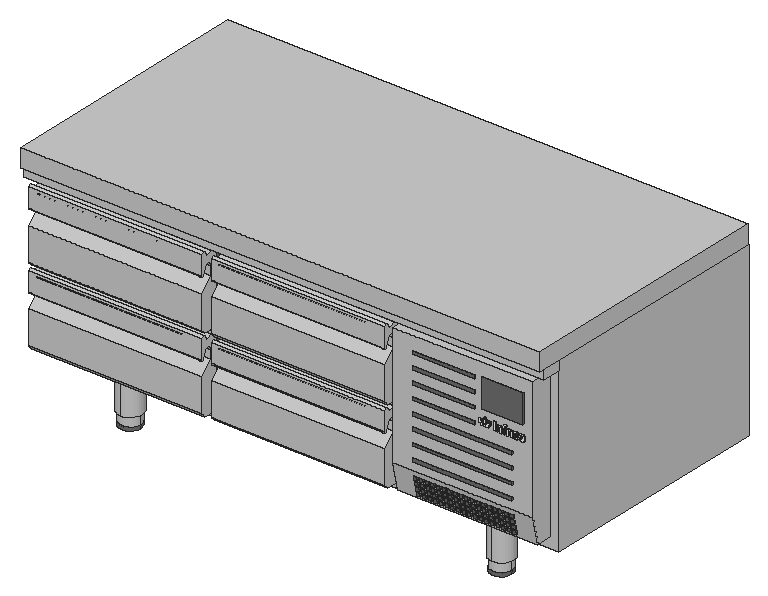
Revit family "QF_INFRICO_MSG1400_250814084130", category Specialty Equipment, Revit 2021
Family settings
  Round Connector Dimension = Use Diameter
  Part Type = Normal
  OmniClass Number = 23.40.40.14
  OmniClass Title = Food Service Equipment
  Work Plane-Based = No
  Always vertical = Yes
  Cut with Voids When Loaded = No
  Shared = No
  Room Calculation Point = No
Parameters (values of type "MSG1400-R290")
  Weight [instance] = 149.998 kg
  Waste Water Discharge Temperature [instance] = 0 °C
  Waste Remarks [instance] = ""
  Warranty Start Date [instance] = ""
  Warranty Duration [instance] = ""
  Volts [instance] = 230 V
  Volt Free Conn [instance] = no
  URL Recommended Spares List [instance] = ""
  URL Manufacturer [instance] = ""
  URL Cutsheet [instance] = ""
  URL Critical Spares List [instance] = ""
  URL = "www.infrico.com"
  Technical Documentation [instance] = ""
  Tag Number [instance] = ""
  Status [instance] = ""
  Start Up Current [instance] = 0 A
  Specification by User [instance] = ""
  Specification by Manufacturer [instance] = ""
  Sound Level [instance] = ""
  Show Logo [instance] = yes
  Show Clearances [instance] = yes
  Service Life Duration [instance] = ""
  Serial Number [instance] = ""
  Seismic Rating [instance] = ""
  SMACNA No [instance] = ""
  Revision Code [instance] = ""
  Revision [instance] = ""
  Production Year [instance] = ""
  Potential Equalisation [instance] = no
  Point Load [instance] = 0
  Plumbing Connection Type [instance] = ""
  Phase [instance] = 1
  Other Equipment Approvals [instance] = ""
  Operational Current [instance] = 0 A
  Number of Poles [instance] = 2
  No Load Power Draw [instance] = no
  NAFEM Spec ID Number [instance] = ""
  Model Warning [instance] = ""
  Model = "MSG1400"
  Min Ckt Ampacity [instance] = 0 A
  Max Overcurrent Protection [instance] = 0 A
  Masterspec [instance] = ""
  Manufacturer = "INFRICO"
  Main switch integrated [instance] = no
  Length Actual [instance] = 1400.048 mm
  Item Number [instance] = ""
  Installed By [instance] = ""
  Installation Date [instance] = ""
  Indirect Waste Size [instance] = 19.05 mm
  Indirect Waste Remarks [instance] = ""
  Indirect Waste Flow [instance] = 0.0 L/s
  Indirect Waste Connection Type [instance] = ""
  Indirect Waste Connection Height [instance] = 0 mm
  Identify Quantity as Lot [instance] = no
  ID [instance] = ""
  Hygiene Approval [instance] = ""
  Height Actual [instance] = 599.948 mm
  HP power [instance] = ""
  Furnished By [instance] = ""
  Foodservice Equipment Identifier [instance] = no
  FL Amps [instance] = 0 A
  Electrical Remarks [instance] = ""
  Electric power [instance] = 190 W
  Electric Connection Type [instance] = ""
  Elec Conn RI Height [instance] = 0 mm
  Elec Conn Connection Height [instance] = 0 mm
  ETL Approved [instance] = no
  Direct Waste Water Discharge Temperature [instance] = -273.15 °C
  Direct Waste Size [instance] = 19.05 mm
  Direct Waste RI Height [instance] = 0 mm
  Direct Waste Flow [instance] = 0.0 L/s
  Direct Waste Connection Height [instance] = 0 mm
  Description = "GN1/1 COUNTER BASES REFRIGERATOR 700 SNACK SERIES - R290\r\n "
  Depth Actual [instance] = 700.024 mm
  Default Elevation = 0 mm
  Cycle [instance] = 50 Hz
  Cost = 0
  Connection to energy optimisation system [instance] = yes
  Conn Plug [instance] = ""
  Conn Conduit [instance] = no
  Centralized building control system with digital interface [instance] = ""
  CSI MasterFormat [instance] = ""
  CE Approved [instance] = no
  Barcode [instance] = 0
  Author [instance] = ""
  Asset Identifier [instance] = ""
  Apparent Power [instance] = 190 VA
  Accessory [instance] = no
Reference planes
  plane 1 "Center (Front/Back)": y = 0
  plane 2: z = 0
  plane 3 "Center (Left/Right)": x = 0
Forms (mm)
  Extrusion 1, solid, not visible
    sketch origin (500.024, -112.005, 142.007) x (1, 0, 0) y (0, 1, 0)
      loop
        line (-2, 2) -> (-2, -2) -> (2, -2) -> (2, 2) -> (-2, 2)
    from -2 to 2
  Extrusion 2, solid, not visible
    sketch origin (1339.065, -60.003, 142.007) x (1, 0, 0) y (0, 1, 0)
      loop
        line (-2, 2) -> (-2, -2) -> (2, -2) -> (2, 2) -> (-2, 2)
    from -2 to 2
Dimensions and locks
  locked: nested 2 to Extrusion 1 at 2  (x2)
  locked: nested 3 to Extrusion 2 at 2  (x2)
  aligned and locked: level to plane 2
Nested families
  nested 1: "QF_INFRICO_MSG1400_2920" at (0, 0, 0), type "MSG1400-R290"
    with Weight 149.998 kg, Warranty Start Date "", Warranty Duration "", URL Cutsheet "", Technical Documentation "", Tag Number "", Status "", Specification by User "", Specification by Manufacturer "", Sound Level "", Solid Fuel Type "", Show Logo yes, Show Clearances yes, Show Clearance yes, Service Life Duration "", Serial Number "", Seismic Rating "", SMACNA No "", Revision Code "", Revision "", Production Year "", Point Load 0, Other Equipment Approvals "", NAFEM Spec ID Number "", Model Warning "", Masterspec "", Length Actual 1400.048 mm, Item Number "", Installed By "", Installation Date "", Identify Quantity as Lot yes, ID "", Hygiene Approval "", Height Actual 599.948 mm, Furnished By "", Foodservice Equipment Identifier yes, ETL Approved yes, Depth Actual 700.024 mm, CSI MasterFormat "", CE Approved no, Barcode "", Author "", Asset Identifier "", Accessory no
  nested 2: "CONN_POINT_DRAIN_2D___Generic_Annotation" at (500.024, -112.005, 140.007), type "CONN_POINT_DRAIN_2D___Generic_Annotation"
    with Onboard connection annotation symbol visibility yes
  nested 3: "CONN_POINT_ELE_2D___Generic_Annotation" at (1339.065, -60.003, 140.007), type "CONN_POINT_ELE_2D___Generic_Annotation"
    with Onboard connection annotation symbol visibility yes
  nested 4: "QF_INFRICO_JCAJ17MSG1-2_4832" at (22, -638, 168), type "JCAJ17SN12"
    with Weight 0.00 kg, Warranty Start Date "", Warranty Duration "", URL Cutsheet "", Technical Documentation "", Tag Number "", Status "", Specification by User "", Specification by Manufacturer "", Sound Level "", Solid Fuel Type "", Show Logo yes, Show Clearances yes, Show Clearance yes, Service Life Duration "", Serial Number "", Seismic Rating "", SMACNA No "", Revision Code "", Revision "", Production Year "", Point Load 0, Other Equipment Approvals "", NAFEM Spec ID Number "", Model Warning "", Masterspec "", Length Actual 467.106 mm, Item Number "", Installed By "", Installation Date "", Identify Quantity as Lot yes, ID "", Hygiene Approval "", Height Actual 398.018 mm, Furnished By "", Foodservice Equipment Identifier yes, ETL Approved yes, Depth Actual 59.944 mm, CSI MasterFormat "", CE Approved no, Barcode "", Author "", Asset Identifier "", Accessory yes
  nested 5: "QF_INFRICO_JCAJ17MSG1-2_5661" at (514, -638, 168), type "JCAJ17SN12"
    with Weight 0.00 kg, Warranty Start Date "", Warranty Duration "", URL Cutsheet "", Technical Documentation "", Tag Number "", Status "", Specification by User "", Specification by Manufacturer "", Sound Level "", Solid Fuel Type "", Show Logo yes, Show Clearances yes, Show Clearance yes, Service Life Duration "", Serial Number "", Seismic Rating "", SMACNA No "", Revision Code "", Revision "", Production Year "", Point Load 0, Other Equipment Approvals "", NAFEM Spec ID Number "", Model Warning "", Masterspec "", Length Actual 467.106 mm, Item Number "", Installed By "", Installation Date "", Identify Quantity as Lot yes, ID "", Hygiene Approval "", Height Actual 398.018 mm, Furnished By "", Foodservice Equipment Identifier yes, ETL Approved yes, Depth Actual 59.944 mm, CSI MasterFormat "", CE Approved no, Barcode "", Author "", Asset Identifier "", Accessory yes
  nested 6: "QF_INFRICO_WORKTOP_6486" at (0, 0, 600), type "ENC12SPMS14"
    with Weight 0.00 kg, Warranty Start Date "", Warranty Duration "", URL Cutsheet "", Technical Documentation "", Tag Number "", Status "", Specification by User "", Specification by Manufacturer "", Sound Level "", Solid Fuel Type "", Show Logo yes, Show Clearances yes, Show Clearance yes, Service Life Duration "", Serial Number "", Seismic Rating "", SMACNA No "", Revision Code "", Revision "", Production Year "", Point Load 0, Other Equipment Approvals "", NAFEM Spec ID Number "", Model Warning "", Masterspec "", Length Actual 1400.048 mm, Item Number "", Installed By "", Installation Date "", Identify Quantity as Lot yes, ID "", Hygiene Approval "", Height Actual 50.038 mm, Furnished By "", Foodservice Equipment Identifier yes, ETL Approved yes, Depth Actual 700.024 mm, CSI MasterFormat "", CE Approved no, Barcode "", Author "", Asset Identifier "", Accessory yes
Connectors
  piping at (500.024, -112.005, 140.007), diameter 19.05, driven by "Indirect Waste Size", driven by "Direct Waste Flow"
    settings: on Extrusion 1, index 1, connector inside diameter 609.6 mm, connector length 0 mm, flow factor 0, pipe flow 0.0 L/s, pressure drop 0.0 Pa, fitting loss kfactor 0, connector angle 0.00°, fixture units 0, engagement length 0 mm, angle of deflection 0.00°, flow configuration 1, flow direction 2, fitting loss method 0, system type 16, joint type 0, gender type 0, connector reference index -1, connector utility 0, adjustable connector no, is connector primary yes, connector description "Waste connection for MSG1400"
  electrical at (1339.065, -60.003, 140.007), driven by "Apparent Power", driven by "Number of Poles", driven by "Volts"
    settings: on Extrusion 2, index 2, voltage 230 V, apparent load 0 VA, apparent load phase1 190 VA, apparent load phase2 0 VA, apparent load phase3 0 VA, power factor 1, load classification "Other", number of poles 2, system type 31, power factor state 1, is connector primary yes, connector utility no, sub classification motor no, connector description "Electrical connection for MSG1400"
Definition of nested family "QF_INFRICO_MSG1400_2920"
  Parameters (values of type "MSG1400")
    Weight [instance] = 0.00 kg
    Warranty Start Date [instance] = ""
    Warranty Duration [instance] = ""
    URL Cutsheet [instance] = ""
    URL = "www.infrico.com"
    Technical Documentation [instance] = ""
    Tag Number [instance] = ""
    Status [instance] = ""
    Specification by User [instance] = ""
    Specification by Manufacturer [instance] = ""
    Sound Level [instance] = ""
    Solid Fuel Type [instance] = ""
    Show Logo [instance] = yes
    Show Clearances [instance] = yes
    Show Clearance [instance] = yes
    Service Life Duration [instance] = ""
    Serial Number [instance] = ""
    Seismic Rating [instance] = ""
    SMACNA No [instance] = ""
    Revision Code [instance] = ""
    Revision [instance] = ""
    Production Year [instance] = ""
    Point Load [instance] = 0
    Other Equipment Approvals [instance] = ""
    NAFEM Spec ID Number [instance] = ""
    Model Warning [instance] = ""
    Model = "MSG1400"
    Masterspec [instance] = ""
    Manufacturer = "INFRICO"
    Length Actual [instance] = 0 mm
    Item Number [instance] = ""
    Installed By [instance] = ""
    Installation Date [instance] = ""
    Identify Quantity as Lot [instance] = yes
    ID [instance] = ""
    Hygiene Approval [instance] = ""
    Height Actual [instance] = 0 mm
    Furnished By [instance] = ""
    Foodservice Equipment Identifier [instance] = yes
    ETL Approved [instance] = yes
    Description = "GN1/1 COUNTER BASES REFRIGERATOR 700 SNACK SERIES - R134A"
    Depth Actual [instance] = 0 mm
    Default Elevation = 0 mm
    CSI MasterFormat [instance] = ""
    CE Approved [instance] = yes
    Barcode [instance] = ""
    Author [instance] = ""
    Asset Identifier [instance] = ""
    Assembly Code = "E1090320"
    Accessory [instance] = yes
  Types (2, lengths in mm): name | Description
    MSG1400 | "GN1/1 COUNTER BASES REFRIGERATOR 700 SNACK SERIES - R134A"
    MSG1400-R290 | "GN1/1 COUNTER BASES REFRIGERATOR 700 SNACK SERIES - R290"
  Reference planes
    plane 1 "Back": y = 0
    plane 2: z = 0
    plane 3 "Left": x = 0
    plane 4 "Right": x = 1400
    plane 5 "Front": y = -700
    plane 6 "Top": z = 600
  Forms (mm)
    Extrusion 1, void
      sketch origin (0, 0, 0) x (1, 0, 0) y (0, 0, 1)
        loop
          line (60, 200) -> (979.04, 200) -> (979.04, 540) -> (60, 540) -> (60, 200)
      from 60 to 638.02
    Extrusion 2, solid
      sketch origin (0, 0, 140) x (1, 0, 0) y (0, 1, 0)
        loop
          circle (500, -112) r 9.525
      from -5 to 0
    Extrusion 3, solid
      sketch origin (0, 0, 140) x (1, 0, 0) y (0, 1, 0)
        loop
          line (0, 0) -> (0, -638.02) -> (1400, -638.02) -> (1400, 0) -> (0, 0)
        loop
          line (60, -578.02) -> (1340, -578.02) -> (1340, -60) -> (60, -60) -> (60, -578.02)
      from 0 to 460
    Extrusion 4, solid
      sketch origin (0, 0, 140) x (1, 0, 0) y (0, 0, 1)
        loop
          line (1340, 60) -> (60, 60) -> (60, 0) -> (1340, 0) -> (1340, 60)
      from 60 to 578.02
    Extrusion 5, solid
      sketch origin (18, 0, 140) x (1, 0, 0) y (0, 1, 0)
        loop
          line (454, -638.02) -> (549, -638.02) -> (549, -628.02) -> (454, -628.02) -> (454, -638.02)
      from 60 to 400
    Extrusion 6, solid
      sketch origin (-58.953, 0, 0) x (0, 1, 0) y (0, 0, 1)
        loop
          line (-638.02, 564.738) -> (-695.03, 564.738) -> (-695.03, 238.436) -> (-678.399, 166.4) -> (-638.02, 166.4) -> (-638.02, 564.738)
      from 1057.993 to 1433.993
    Extrusion 7, solid
      sketch origin (-2089.854, -639.263, 0.251) x (1, 0, 0) y (0, -0.224951, 0.97437)
        loop
          line (3143.188, 215.974) -> (3143.188, 205.974) -> (3153.188, 205.974) -> (3153.188, 215.974) -> (3143.188, 215.974)
        loop
          line (3143.188, 230.769) -> (3143.188, 220.769) -> (3153.188, 220.769) -> (3153.188, 230.769) -> (3143.188, 230.769)
        loop
          line (3143.188, 186.385) -> (3143.188, 176.385) -> (3153.188, 176.385) -> (3153.188, 186.385) -> (3143.188, 186.385)
        loop
          line (3143.188, 201.179) -> (3143.188, 191.179) -> (3153.188, 191.179) -> (3153.188, 201.179) -> (3143.188, 201.179)
        loop
          line (3158.397, 215.974) -> (3158.397, 205.974) -> (3168.397, 205.974) -> (3168.397, 215.974) -> (3158.397, 215.974)
        loop
          line (3158.397, 230.769) -> (3158.397, 220.769) -> (3168.397, 220.769) -> (3168.397, 230.769) -> (3158.397, 230.769)
        loop
          line (3158.397, 186.385) -> (3158.397, 176.385) -> (3168.397, 176.385) -> (3168.397, 186.385) -> (3158.397, 186.385)
        loop
          line (3158.397, 201.179) -> (3158.397, 191.179) -> (3168.397, 191.179) -> (3168.397, 201.179) -> (3158.397, 201.179)
        loop
          line (3173.605, 215.974) -> (3173.605, 205.974) -> (3183.605, 205.974) -> (3183.605, 215.974) -> (3173.605, 215.974)
        loop
          line (3173.605, 230.769) -> (3173.605, 220.769) -> (3183.605, 220.769) -> (3183.605, 230.769) -> (3173.605, 230.769)
        loop
          line (3173.605, 186.385) -> (3173.605, 176.385) -> (3183.605, 176.385) -> (3183.605, 186.385) -> (3173.605, 186.385)
        loop
          line (3173.605, 201.179) -> (3173.605, 191.179) -> (3183.605, 191.179) -> (3183.605, 201.179) -> (3173.605, 201.179)
        loop
          line (3188.813, 215.974) -> (3188.813, 205.974) -> (3198.813, 205.974) -> (3198.813, 215.974) -> (3188.813, 215.974)
        loop
          line (3188.813, 230.769) -> (3188.813, 220.769) -> (3198.813, 220.769) -> (3198.813, 230.769) -> (3188.813, 230.769)
        loop
          line (3188.813, 186.385) -> (3188.813, 176.385) -> (3198.813, 176.385) -> (3198.813, 186.385) -> (3188.813, 186.385)
        loop
          line (3188.813, 201.179) -> (3188.813, 191.179) -> (3198.813, 191.179) -> (3198.813, 201.179) -> (3188.813, 201.179)
        loop
          line (3204.022, 215.974) -> (3204.022, 205.974) -> (3214.022, 205.974) -> (3214.022, 215.974) -> (3204.022, 215.974)
        loop
          line (3204.022, 230.769) -> (3204.022, 220.769) -> (3214.022, 220.769) -> (3214.022, 230.769) -> (3204.022, 230.769)
        loop
          line (3204.022, 186.385) -> (3204.022, 176.385) -> (3214.022, 176.385) -> (3214.022, 186.385) -> (3204.022, 186.385)
        loop
          line (3204.022, 201.179) -> (3204.022, 191.179) -> (3214.022, 191.179) -> (3214.022, 201.179) -> (3204.022, 201.179)
        loop
          line (3219.23, 215.974) -> (3219.23, 205.974) -> (3229.23, 205.974) -> (3229.23, 215.974) -> (3219.23, 215.974)
        loop
          line (3219.23, 230.769) -> (3219.23, 220.769) -> (3229.23, 220.769) -> (3229.23, 230.769) -> (3219.23, 230.769)
        loop
          line (3219.23, 186.385) -> (3219.23, 176.385) -> (3229.23, 176.385) -> (3229.23, 186.385) -> (3219.23, 186.385)
        loop
          line (3219.23, 201.179) -> (3219.23, 191.179) -> (3229.23, 191.179) -> (3229.23, 201.179) -> (3219.23, 201.179)
        loop
          line (3234.438, 215.974) -> (3234.438, 205.974) -> (3244.438, 205.974) -> (3244.438, 215.974) -> (3234.438, 215.974)
        loop
          line (3234.438, 230.769) -> (3234.438, 220.769) -> (3244.438, 220.769) -> (3244.438, 230.769) -> (3234.438, 230.769)
        loop
          line (3234.438, 186.385) -> (3234.438, 176.385) -> (3244.438, 176.385) -> (3244.438, 186.385) -> (3234.438, 186.385)
        loop
          line (3234.438, 201.179) -> (3234.438, 191.179) -> (3244.438, 191.179) -> (3244.438, 201.179) -> (3234.438, 201.179)
        loop
          line (3249.647, 215.974) -> (3249.647, 205.974) -> (3259.647, 205.974) -> (3259.647, 215.974) -> (3249.647, 215.974)
        loop
          line (3249.647, 230.769) -> (3249.647, 220.769) -> (3259.647, 220.769) -> (3259.647, 230.769) -> (3249.647, 230.769)
        loop
          line (3249.647, 186.385) -> (3249.647, 176.385) -> (3259.647, 176.385) -> (3259.647, 186.385) -> (3249.647, 186.385)
        loop
          line (3249.647, 201.179) -> (3249.647, 191.179) -> (3259.647, 191.179) -> (3259.647, 201.179) -> (3249.647, 201.179)
        loop
          line (3264.855, 215.974) -> (3264.855, 205.974) -> (3274.855, 205.974) -> (3274.855, 215.974) -> (3264.855, 215.974)
        loop
          line (3264.855, 230.769) -> (3264.855, 220.769) -> (3274.855, 220.769) -> (3274.855, 230.769) -> (3264.855, 230.769)
        loop
          line (3264.855, 186.385) -> (3264.855, 176.385) -> (3274.855, 176.385) -> (3274.855, 186.385) -> (3264.855, 186.385)
        loop
          line (3264.855, 201.179) -> (3264.855, 191.179) -> (3274.855, 191.179) -> (3274.855, 201.179) -> (3264.855, 201.179)
        loop
          line (3280.063, 215.974) -> (3280.063, 205.974) -> (3290.063, 205.974) -> (3290.063, 215.974) -> (3280.063, 215.974)
        loop
          line (3280.063, 230.769) -> (3280.063, 220.769) -> (3290.063, 220.769) -> (3290.063, 230.769) -> (3280.063, 230.769)
        loop
          line (3280.063, 186.385) -> (3280.063, 176.385) -> (3290.063, 176.385) -> (3290.063, 186.385) -> (3280.063, 186.385)
        loop
          line (3280.063, 201.179) -> (3280.063, 191.179) -> (3290.063, 191.179) -> (3290.063, 201.179) -> (3280.063, 201.179)
        loop
          line (3295.272, 215.974) -> (3295.272, 205.974) -> (3305.272, 205.974) -> (3305.272, 215.974) -> (3295.272, 215.974)
        loop
          line (3295.272, 230.769) -> (3295.272, 220.769) -> (3305.272, 220.769) -> (3305.272, 230.769) -> (3295.272, 230.769)
        loop
          line (3295.272, 186.385) -> (3295.272, 176.385) -> (3305.272, 176.385) -> (3305.272, 186.385) -> (3295.272, 186.385)
        loop
          line (3295.272, 201.179) -> (3295.272, 191.179) -> (3305.272, 191.179) -> (3305.272, 201.179) -> (3295.272, 201.179)
        loop
          line (3310.48, 215.974) -> (3310.48, 205.974) -> (3320.48, 205.974) -> (3320.48, 215.974) -> (3310.48, 215.974)
        loop
          line (3310.48, 230.769) -> (3310.48, 220.769) -> (3320.48, 220.769) -> (3320.48, 230.769) -> (3310.48, 230.769)
        loop
          line (3310.48, 186.385) -> (3310.48, 176.385) -> (3320.48, 176.385) -> (3320.48, 186.385) -> (3310.48, 186.385)
        loop
          line (3310.48, 201.179) -> (3310.48, 191.179) -> (3320.48, 191.179) -> (3320.48, 201.179) -> (3310.48, 201.179)
        loop
          line (3325.688, 215.974) -> (3325.688, 205.974) -> (3335.688, 205.974) -> (3335.688, 215.974) -> (3325.688, 215.974)
        loop
          line (3325.688, 230.769) -> (3325.688, 220.769) -> (3335.688, 220.769) -> (3335.688, 230.769) -> (3325.688, 230.769)
        loop
          line (3325.688, 186.385) -> (3325.688, 176.385) -> (3335.688, 176.385) -> (3335.688, 186.385) -> (3325.688, 186.385)
        loop
          line (3325.688, 201.179) -> (3325.688, 191.179) -> (3335.688, 191.179) -> (3335.688, 201.179) -> (3325.688, 201.179)
        loop
          line (3340.897, 215.974) -> (3340.897, 205.974) -> (3350.897, 205.974) -> (3350.897, 215.974) -> (3340.897, 215.974)
        loop
          line (3340.897, 230.769) -> (3340.897, 220.769) -> (3350.897, 220.769) -> (3350.897, 230.769) -> (3340.897, 230.769)
        loop
          line (3340.897, 186.385) -> (3340.897, 176.385) -> (3350.897, 176.385) -> (3350.897, 186.385) -> (3340.897, 186.385)
        loop
          line (3340.897, 201.179) -> (3340.897, 191.179) -> (3350.897, 191.179) -> (3350.897, 201.179) -> (3340.897, 201.179)
        loop
          line (3356.105, 215.974) -> (3356.105, 205.974) -> (3366.105, 205.974) -> (3366.105, 215.974) -> (3356.105, 215.974)
        loop
          line (3356.105, 230.769) -> (3356.105, 220.769) -> (3366.105, 220.769) -> (3366.105, 230.769) -> (3356.105, 230.769)
        loop
          line (3356.105, 186.385) -> (3356.105, 176.385) -> (3366.105, 176.385) -> (3366.105, 186.385) -> (3356.105, 186.385)
        loop
          line (3356.105, 201.179) -> (3356.105, 191.179) -> (3366.105, 191.179) -> (3366.105, 201.179) -> (3356.105, 201.179)
        loop
          line (3371.313, 215.974) -> (3371.313, 205.974) -> (3381.313, 205.974) -> (3381.313, 215.974) -> (3371.313, 215.974)
        loop
          line (3371.313, 230.769) -> (3371.313, 220.769) -> (3381.313, 220.769) -> (3381.313, 230.769) -> (3371.313, 230.769)
        loop
          line (3371.313, 186.385) -> (3371.313, 176.385) -> (3381.313, 176.385) -> (3381.313, 186.385) -> (3371.313, 186.385)
        loop
          line (3371.313, 201.179) -> (3371.313, 191.179) -> (3381.313, 191.179) -> (3381.313, 201.179) -> (3371.313, 201.179)
        loop
          line (3386.522, 215.974) -> (3386.522, 205.974) -> (3396.522, 205.974) -> (3396.522, 215.974) -> (3386.522, 215.974)
        loop
          line (3386.522, 230.769) -> (3386.522, 220.769) -> (3396.522, 220.769) -> (3396.522, 230.769) -> (3386.522, 230.769)
        loop
          line (3386.522, 186.385) -> (3386.522, 176.385) -> (3396.522, 176.385) -> (3396.522, 186.385) -> (3386.522, 186.385)
        loop
          line (3386.522, 201.179) -> (3386.522, 191.179) -> (3396.522, 191.179) -> (3396.522, 201.179) -> (3386.522, 201.179)
        loop
          line (3401.73, 215.974) -> (3401.73, 205.974) -> (3411.73, 205.974) -> (3411.73, 215.974) -> (3401.73, 215.974)
        loop
          line (3401.73, 230.769) -> (3401.73, 220.769) -> (3411.73, 220.769) -> (3411.73, 230.769) -> (3401.73, 230.769)
        loop
          line (3401.73, 186.385) -> (3401.73, 176.385) -> (3411.73, 176.385) -> (3411.73, 186.385) -> (3401.73, 186.385)
        loop
          line (3401.73, 201.179) -> (3401.73, 191.179) -> (3411.73, 191.179) -> (3411.73, 201.179) -> (3401.73, 201.179)
      from 0 to 2
    Extrusion 8, solid, visible <- "Show Logo"
      sketch origin (66.592, -693.13, -284.294) x (1, 0, 0) y (0, 0, 1)
        loop
          line (1208.799, 696.53) -> (1208.799, 719.204) -> (1204.173, 719.204) -> (1204.173, 696.53) -> (1208.799, 696.53)
        loop
          line (1214.779, 713.006) -> (1211.283, 713.006) -> (1211.283, 696.53) -> (1215.772, 696.53) -> (1215.772, 707.832)
          arc (1215.772, 707.832) -> (1217.528, 708.741) -> (1219.417, 709.324) r 11.052
          arc (1219.417, 709.324) -> (1220.929, 708.961) -> (1221.598, 707.557) r 1.806
          line (1221.598, 707.557) -> (1221.598, 696.53) -> (1226.121, 696.53) -> (1226.121, 708.689)
          arc (1226.121, 708.689) -> (1224.637, 712.075) -> (1221.141, 713.281) r 4.607
          arc (1221.141, 713.281) -> (1218.282, 712.674) -> (1215.669, 711.361) r 11.435
          line (1215.669, 711.361) -> (1215.601, 712.184)
          arc (1215.601, 712.184) -> (1215.36, 712.765) -> (1214.779, 713.006) r 0.822
        loop
          line (1238.557, 720.102) -> (1237.306, 720.102)
          arc (1237.306, 720.102) -> (1235.052, 719.926) -> (1232.881, 719.297) r 11.103
          arc (1232.881, 719.297) -> (1230.805, 717.616) -> (1230.024, 715.062) r 4.567
          line (1230.024, 715.062) -> (1230.024, 712.909) -> (1227.351, 712.703) -> (1227.351, 709.374) -> (1230.024, 709.374) -> (1230.024, 696.53) -> (1234.547, 696.53) -> (1234.547, 709.374) -> (1238.249, 709.374) -> (1238.249, 712.938) -> (1234.547, 712.938) -> (1234.547, 714.548)
          arc (1234.547, 714.548) -> (1234.956, 715.705) -> (1236.045, 716.271) r 1.67
          line (1236.045, 716.271) -> (1237.7, 716.399)
          arc (1237.7, 716.399) -> (1238.306, 716.65) -> (1238.557, 717.255) r 0.857
          line (1238.557, 717.255) -> (1238.557, 720.102)
        loop
          line (1239.479, 713.006) -> (1239.479, 696.53) -> (1243.968, 696.53) -> (1243.968, 707.352)
          arc (1243.968, 707.352) -> (1245.873, 708.631) -> (1248.077, 709.268) r 7.435
          line (1248.077, 709.268) -> (1249.241, 709.416)
          arc (1249.241, 709.416) -> (1249.643, 709.758) -> (1249.793, 710.265) r 0.928
          line (1249.793, 710.265) -> (1249.793, 712.458)
          arc (1249.793, 712.458) -> (1249.531, 713.061) -> (1248.912, 713.28) r 0.824
          arc (1248.912, 713.28) -> (1246.197, 712.588) -> (1243.899, 710.984) r 7.833
          line (1243.899, 710.984) -> (1243.726, 713.006) -> (1239.479, 713.006)
        loop
          line (1255.495, 696.53) -> (1255.495, 713.006) -> (1251.006, 713.006) -> (1251.006, 696.53) -> (1255.495, 696.53)
        loop
          arc (1257.421, 701.327) -> (1258.567, 698.188) -> (1261.466, 696.525) r 4.873
          arc (1261.466, 696.525) -> (1264.493, 696.266) -> (1267.521, 696.525) r 17.816
          arc (1267.521, 696.525) -> (1270.575, 699.134) -> (1271.505, 703.041) r 6.481
          line (1271.505, 703.041) -> (1267.187, 703.041) -> (1267.187, 701.67)
          arc (1267.187, 701.67) -> (1266.64, 700.452) -> (1265.442, 699.865) r 1.965
          arc (1265.442, 699.865) -> (1264.547, 699.816) -> (1263.653, 699.865) r 8.196
          arc (1263.653, 699.865) -> (1262.417, 700.415) -> (1261.91, 701.67) r 1.806
          line (1261.91, 701.67) -> (1261.91, 707.9)
          arc (1261.91, 707.9) -> (1262.417, 709.155) -> (1263.653, 709.705) r 1.806
          arc (1263.653, 709.705) -> (1264.547, 709.754) -> (1265.442, 709.705) r 8.196
          arc (1265.442, 709.705) -> (1266.64, 709.118) -> (1267.187, 707.9) r 1.965
          line (1267.187, 707.9) -> (1267.187, 706.838) -> (1271.505, 706.838)
          arc (1271.505, 706.838) -> (1270.524, 710.556) -> (1267.521, 712.959) r 6.132
          arc (1267.521, 712.959) -> (1264.493, 713.294) -> (1261.466, 712.959) r 13.851
          arc (1261.466, 712.959) -> (1258.571, 711.349) -> (1257.421, 708.243) r 4.772
          line (1257.421, 708.243) -> (1257.421, 701.327)
        loop
          arc (1272.916, 701.329) -> (1273.993, 698.345) -> (1276.726, 696.734) r 4.676
          arc (1276.726, 696.734) -> (1278.515, 696.455) -> (1280.318, 696.291) r 28.371
          arc (1280.318, 696.291) -> (1282.122, 696.455) -> (1283.911, 696.734) r 28.371
          arc (1283.911, 696.734) -> (1286.644, 698.345) -> (1287.72, 701.329) r 4.676
          line (1287.72, 701.329) -> (1287.72, 708.242)
          arc (1287.72, 708.242) -> (1286.644, 711.226) -> (1283.911, 712.837) r 4.676
          arc (1283.911, 712.837) -> (1282.122, 713.116) -> (1280.318, 713.28) r 28.371
          arc (1280.318, 713.28) -> (1278.515, 713.116) -> (1276.726, 712.837) r 28.371
          arc (1276.726, 712.837) -> (1273.993, 711.226) -> (1272.916, 708.242) r 4.676
          line (1272.916, 708.242) -> (1272.916, 701.329)
        loop
          line (1277.405, 707.866) -> (1277.405, 701.705)
          arc (1277.405, 701.705) -> (1277.844, 700.556) -> (1278.936, 699.991) r 1.725
          arc (1278.936, 699.991) -> (1279.627, 699.918) -> (1280.318, 699.856) r 46.133
          arc (1280.318, 699.856) -> (1281.01, 699.918) -> (1281.701, 699.991) r 46.133
          arc (1281.701, 699.991) -> (1282.793, 700.556) -> (1283.231, 701.705) r 1.725
          line (1283.231, 701.705) -> (1283.231, 707.866)
          arc (1283.231, 707.866) -> (1282.793, 709.015) -> (1281.701, 709.58) r 1.725
          arc (1281.701, 709.58) -> (1281.01, 709.653) -> (1280.318, 709.716) r 46.133
          arc (1280.318, 709.716) -> (1279.627, 709.653) -> (1278.936, 709.58) r 46.133
          arc (1278.936, 709.58) -> (1277.844, 709.015) -> (1277.405, 707.866) r 1.725
        loop
          arc (1190.339, 696.543) -> (1191.411, 696.987) -> (1191.856, 698.059) r 1.516
          line (1191.856, 698.059) -> (1191.856, 703.891) -> (1196.035, 703.891)
          arc (1196.035, 703.891) -> (1196.79, 704.121) -> (1197.218, 704.782) r 1.147
          line (1197.218, 704.782) -> (1197.218, 706.211)
          arc (1197.218, 706.211) -> (1196.787, 707.258) -> (1195.719, 707.634) r 1.385
          line (1195.719, 707.634) -> (1194.52, 707.634) -> (1197.218, 710.332)
          arc (1197.218, 710.332) -> (1197.605, 711.266) -> (1197.218, 712.2) r 1.321
          line (1197.218, 712.2) -> (1196.495, 712.923)
          arc (1196.495, 712.923) -> (1195.54, 713.338) -> (1194.558, 712.991) r 1.422
          line (1194.558, 712.991) -> (1191.853, 710.286) -> (1191.853, 711.479)
          arc (1191.853, 711.479) -> (1191.443, 712.516) -> (1190.435, 712.992) r 1.516
          line (1190.435, 712.992) -> (1189.514, 712.992)
          arc (1189.514, 712.992) -> (1188.511, 712.514) -> (1188.103, 711.479) r 1.516
          line (1188.103, 711.479) -> (1188.103, 706.83) -> (1182.073, 701.336) -> (1182.073, 707.509) -> (1185.639, 711.075)
          arc (1185.639, 711.075) -> (1186.053, 712.073) -> (1185.639, 713.071) r 1.412
          line (1185.639, 713.071) -> (1184.987, 713.723)
          arc (1184.987, 713.723) -> (1183.939, 714.141) -> (1182.915, 713.667) r 1.428
          line (1182.915, 713.667) -> (1182.073, 712.825) -> (1182.073, 717.784)
          arc (1182.073, 717.784) -> (1181.658, 718.787) -> (1180.655, 719.203) r 1.418
          line (1180.655, 719.203) -> (1179.726, 719.203)
          arc (1179.726, 719.203) -> (1178.723, 718.787) -> (1178.308, 717.784) r 1.418
          line (1178.308, 717.784) -> (1178.308, 712.825) -> (1177.466, 713.667)
          arc (1177.466, 713.667) -> (1176.442, 714.141) -> (1175.394, 713.723) r 1.428
          line (1175.394, 713.723) -> (1174.742, 713.071)
          arc (1174.742, 713.071) -> (1174.328, 712.073) -> (1174.742, 711.075) r 1.412
          line (1174.742, 711.075) -> (1178.308, 707.509) -> (1178.308, 701.336) -> (1172.278, 706.83) -> (1172.278, 711.479)
          arc (1172.278, 711.479) -> (1171.87, 712.514) -> (1170.867, 712.992) r 1.516
          line (1170.867, 712.992) -> (1169.946, 712.992)
          arc (1169.946, 712.992) -> (1168.938, 712.516) -> (1168.528, 711.479) r 1.516
          line (1168.528, 711.479) -> (1168.528, 710.286) -> (1165.823, 712.991)
          arc (1165.823, 712.991) -> (1164.841, 713.338) -> (1163.886, 712.923) r 1.422
          line (1163.886, 712.923) -> (1163.163, 712.2)
          arc (1163.163, 712.2) -> (1162.776, 711.266) -> (1163.163, 710.332) r 1.321
          line (1163.163, 710.332) -> (1165.861, 707.634) -> (1164.662, 707.634)
          arc (1164.662, 707.634) -> (1163.594, 707.258) -> (1163.163, 706.211) r 1.385
          line (1163.163, 706.211) -> (1163.163, 704.782)
          arc (1163.163, 704.782) -> (1163.591, 704.121) -> (1164.346, 703.891) r 1.147
          line (1164.346, 703.891) -> (1168.525, 703.891) -> (1168.525, 698.059)
          arc (1168.525, 698.059) -> (1168.969, 696.987) -> (1170.042, 696.543) r 1.516
          line (1170.042, 696.543) -> (1190.339, 696.543)
      from 0 to 2
    Extrusion 9, solid
      sketch origin (70.288, 0, -122.7) x (1, 0, 0) y (0, 0, 1)
        loop
          line (1169.616, 654.3) -> (1169.616, 577.9) -> (1281.216, 577.9) -> (1281.216, 654.3) -> (1169.616, 654.3)
      from 695.03 to 698.23
    Extrusion 10, solid
      sketch origin (600, 112, 140) x (1, 0, 0) y (0, 1, 0)
        loop
          circle (739, -172) r 12.7
      from -5 to 0
    Extrusion 11, solid
      sketch origin (0, 0, 140) x (0, 1, 0) y (0, 0, 1)
        loop
          line (-638.02, 460) -> (-688.02, 460) -> (-688.02, 435) -> (-638.02, 435) -> (-638.02, 460)
      from 0 to 1400
    Extrusion 12, solid
      sketch origin (0.014, 0, 140) x (0, 1, 0) y (-1, 0, 0)
        loop
          line (-530, -154.986) -> (-630, -154.986) -> (-630, -244.986) -> (-530, -244.986) -> (-530, -154.986)
      from 0 to -3
    Extrusion 13, solid
      sketch origin (0.014, 0, 0) x (1, 0, 0) y (0, 1, 0)
        loop
          circle (199.986, -580) r 28
      from 9 to 35
    Extrusion 14, solid
      sketch origin (0.014, 0, 0) x (1, 0, 0) y (0, 1, 0)
        loop
          circle (199.986, -580) r 28.5
      from 0 to 9
    Sweep 15, solid
      path origin (0.014, 0, 0) x (0, 1, 0) y (0, 0, 1)
        loop
          line (-580, 35) -> (-580, 137)
      profile origin (0.014, -580, 86) x (0, -1, 0) y (1, 0, 0)
        loop
          circle (0, 199.986) r 32
    Extrusion 16, solid
      sketch origin (0.014, 500, 140) x (0, 1, 0) y (-1, 0, 0)
        loop
          line (-530, -154.986) -> (-630, -154.986) -> (-630, -244.986) -> (-530, -244.986) -> (-530, -154.986)
      from 0 to -3
    Extrusion 17, solid
      sketch origin (0.014, 500, 0) x (1, 0, 0) y (0, 1, 0)
        loop
          circle (199.986, -580) r 28
      from 9 to 35
    Extrusion 18, solid
      sketch origin (0.014, 500, 0) x (1, 0, 0) y (0, 1, 0)
        loop
          circle (199.986, -580) r 28.5
      from 0 to 9
    Sweep 19, solid
      path origin (0.014, 500, 0) x (0, 1, 0) y (0, 0, 1)
        loop
          line (-580, 35) -> (-580, 137)
      profile origin (0.014, -80, 86) x (0, -1, 0) y (1, 0, 0)
        loop
          circle (0, 199.986) r 32
    Extrusion 20, solid
      sketch origin (960.014, 0, 140) x (0, 1, 0) y (-1, 0, 0)
        loop
          line (-530, -194.986) -> (-630, -194.986) -> (-630, -284.986) -> (-530, -284.986) -> (-530, -194.986)
      from 0 to -3
    Extrusion 21, solid
      sketch origin (960.014, 0, 0) x (1, 0, 0) y (0, 1, 0)
        loop
          circle (239.986, -580) r 28
      from 9 to 35
    Extrusion 22, solid
      sketch origin (960.014, 0, 0) x (1, 0, 0) y (0, 1, 0)
        loop
          circle (239.986, -580) r 28.5
      from 0 to 9
    Sweep 23, solid
      path origin (1400.014, 0, 0) x (0, -1, 0) y (0, 0, 1)
        loop
          line (580, 35) -> (580, 137)
      profile origin (1400.014, -580, 86) x (0, 1, 0) y (-1, 0, 0)
        loop
          circle (0, 199.986) r 32
    Extrusion 24, solid
      sketch origin (960.014, 500, 140) x (0, 1, 0) y (-1, 0, 0)
        loop
          line (-530, -194.986) -> (-630, -194.986) -> (-630, -284.986) -> (-530, -284.986) -> (-530, -194.986)
      from 0 to -3
    Extrusion 25, solid
      sketch origin (960.014, 500, 0) x (1, 0, 0) y (0, 1, 0)
        loop
          circle (239.986, -580) r 28
      from 9 to 35
    Extrusion 26, solid
      sketch origin (960.014, 500, 0) x (1, 0, 0) y (0, 1, 0)
        loop
          circle (239.986, -580) r 28.5
      from 0 to 9
    Sweep 27, solid
      path origin (1400.014, 0, 0) x (0, -1, 0) y (0, 0, 1)
        loop
          line (80, 35) -> (80, 137)
      profile origin (1400.014, -80, 86) x (0, 1, 0) y (-1, 0, 0)
        loop
          circle (0, 199.986) r 32
    Extrusion 28, solid
      sketch origin (-2058.953, -693.13, 0) x (1, 0, 0) y (0, 0, 1)
        loop
          line (3379.657, 269.602) -> (3112.657, 269.602) -> (3112.657, 260.602) -> (3379.657, 260.602) -> (3379.657, 269.602)
        loop
          line (3379.657, 306.602) -> (3112.657, 306.602) -> (3112.657, 297.602) -> (3379.657, 297.602) -> (3379.657, 306.602)
        loop
          line (3379.657, 343.602) -> (3112.657, 343.602) -> (3112.657, 334.602) -> (3379.657, 334.602) -> (3379.657, 343.602)
        loop
          line (3379.657, 380.602) -> (3112.657, 380.602) -> (3112.657, 371.602) -> (3379.657, 371.602) -> (3379.657, 380.602)
        loop
          line (3279.657, 417.602) -> (3112.657, 417.602) -> (3112.657, 408.602) -> (3279.657, 408.602) -> (3279.657, 417.602)
        loop
          line (3279.657, 454.602) -> (3112.657, 454.602) -> (3112.657, 445.602) -> (3279.657, 445.602) -> (3279.657, 454.602)
        loop
          line (3279.657, 491.602) -> (3112.657, 491.602) -> (3112.657, 482.602) -> (3279.657, 482.602) -> (3279.657, 491.602)
        loop
          line (3279.657, 528.602) -> (3112.657, 528.602) -> (3112.657, 519.602) -> (3279.657, 519.602) -> (3279.657, 528.602)
      from 0 to 2
    Extrusion 29, solid
      sketch origin (532, 0, -131.5) x (0, 0, 1) y (0, 1, 0)
        loop
          line (454, -638.02) -> (549, -638.02) -> (549, -628.02) -> (454, -628.02) -> (454, -638.02)
      from 60 to 472
    Extrusion 30, solid
      sketch origin (1039.04, 0, -131.5) x (0, 0, 1) y (0, 1, 0)
        loop
          line (454, -638.02) -> (549, -638.02) -> (549, -628.02) -> (454, -628.02) -> (454, -638.02)
      from 60 to 472
  Cuts and joins
    Extrusion 1 cuts Extrusion 3
    joined: Extrusion 3, Extrusion 4
  Lines and regions (mm)
    symbolic lines
      curve 1: line (0, -700, 0) -> (1400, -700, 0)
      curve 2: line (0, 0, 0) -> (0, -700, 0)
      curve 3: line (1400, 0, 0) -> (0, 0, 0)
      curve 4: line (1400, -700, 0) -> (1400, 0, 0)
  Dimensions and locks
    plane 4 "Right" to plane 3 "Left" = 1400 mm
    plane 6 "Top" to level = 600 mm
    plane 1 "Back" to plane 5 "Front" = 700 mm
    plane 3 "Left" to plane 4 "Right" = 1400 mm
    aligned and locked: level to plane 2
  Connectors
    piping at (500, -112, 135), diameter 19.1
      settings: on Extrusion 2, index 1, connector inside diameter 609.6 mm, connector length 0 mm, flow factor 0, pipe flow 0.0 L/s, pressure drop 0.0 Pa, fitting loss kfactor 0, connector angle 0.00°, fixture units 0, engagement length 0 mm, angle of deflection 0.00°, flow configuration 0, flow direction 2, fitting loss method 0, system type 16, joint type 0, gender type 0, connector reference index -1, connector utility 0, adjustable connector no, is connector primary yes, connector description "Drain connection"
    electrical at (1339, -60, 135)
      settings: on Extrusion 10, index 2, voltage 0 V, apparent load 0 VA, apparent load phase1 0 VA, apparent load phase2 0 VA, apparent load phase3 0 VA, power factor 1, load classification none, number of poles 1, system type 31, power factor state 1, is connector primary yes, connector utility no, sub classification motor no, connector description "Electrical connection"
Definition of nested family "QF_INFRICO_JCAJ17MSG1-2_4832"
  Parameters (values of type "JCAJ17SN12")
    Weight [instance] = 0.00 kg
    Warranty Start Date [instance] = ""
    Warranty Duration [instance] = ""
    URL Cutsheet [instance] = ""
    URL = "www.infrico.com"
    Technical Documentation [instance] = ""
    Tag Number [instance] = ""
    Status [instance] = ""
    Specification by User [instance] = ""
    Specification by Manufacturer [instance] = ""
    Sound Level [instance] = ""
    Solid Fuel Type [instance] = ""
    Show Logo [instance] = yes
    Show Clearances [instance] = yes
    Show Clearance [instance] = yes
    Service Life Duration [instance] = ""
    Serial Number [instance] = ""
    Seismic Rating [instance] = ""
    SMACNA No [instance] = ""
    Revision Code [instance] = ""
    Revision [instance] = ""
    Production Year [instance] = ""
    Point Load [instance] = 0
    Other Equipment Approvals [instance] = ""
    NAFEM Spec ID Number [instance] = ""
    Model Warning [instance] = ""
    Model = "JCAJ17SN12"
    Masterspec [instance] = ""
    Manufacturer = "INFRICO"
    Length Actual [instance] = 0 mm
    Item Number [instance] = ""
    Installed By [instance] = ""
    Installation Date [instance] = ""
    Identify Quantity as Lot [instance] = yes
    ID [instance] = ""
    Hygiene Approval [instance] = ""
    Height Actual [instance] = 0 mm
    Furnished By [instance] = ""
    Foodservice Equipment Identifier [instance] = yes
    ETL Approved [instance] = yes
    Description = "DRAWERS 1/2"
    Depth Actual [instance] = 0 mm
    Default Elevation = 0 mm
    CSI MasterFormat [instance] = ""
    CE Approved [instance] = yes
    Barcode [instance] = ""
    Author [instance] = ""
    Asset Identifier [instance] = ""
    Assembly Code = "E1090320"
    Accessory [instance] = yes
  Reference planes
    plane 1 "Back": y = 0
    plane 2: z = 0
    plane 3 "Left": x = 0
    plane 4 "Right": x = 467
    plane 5 "Front": y = -487.01
    plane 6 "Top": z = 398.04
  Forms (mm)
    Extrusion 1, solid, visible <- "Show Clearance", detail levels coarse
      sketch origin (0, -23.01, -522.52) x (0, 1, 0) y (0, 0, 1)
        loop
          line (-38.2, 522.52) -> (-38.2, 718.567) -> (-464, 718.567) -> (-464, 522.52) -> (-38.2, 522.52)
      from 0 to 467
    Extrusion 2, solid
      sketch origin (0, 142.338, -423.681) x (0, 1, 0) y (0, 0, 1)
        loop
          line (-159.338, 423.681) -> (-159.338, 619.729) -> (-170.338, 619.729) -> (-170.338, 612.415) -> (-188.747, 607.482) -> (-195.817, 619.729) -> (-203.548, 615.265) -> (-203.548, 563.266)
          arc (-203.548, 563.266) -> (-202.267, 561.699) -> (-200.476, 562.641) r 1.6
          line (-200.476, 562.641) -> (-190.041, 587.224)
          arc (-190.041, 587.224) -> (-189.333, 588.09) -> (-188.27, 588.441) r 2
          line (-188.27, 588.441) -> (-178.392, 588.786)
          arc (-178.392, 588.786) -> (-177.14, 588.4) -> (-176.395, 587.322) r 2
          line (-176.395, 587.322) -> (-173.478, 576.804) -> (-173.478, 553.051) -> (-203.548, 522.981) -> (-203.548, 433.681) -> (-193.548, 423.681) -> (-159.338, 423.681)
      from 0 to 467
    Extrusion 3, solid
      sketch origin (547, 0, -15) x (-1, 0, 0) y (0, 0, -1)
        loop
          line (542, -206.047) -> (542, -20) -> (85, -20) -> (85, -206.047) -> (542, -206.047)
        loop
          line (115, -176.047) -> (512, -176.047) -> (512, -50) -> (115, -50) -> (115, -176.047)
      from 0 to 17
    Extrusion 4, solid
      sketch origin (0, 142.338, -221.634) x (0, 1, 0) y (0, 0, 1)
        loop
          line (-159.338, 423.681) -> (-159.338, 619.729) -> (-170.338, 619.729) -> (-170.338, 612.415) -> (-188.747, 607.482) -> (-195.786, 619.674) -> (-203.548, 615.192) -> (-203.548, 563.266)
          arc (-203.548, 563.266) -> (-202.267, 561.699) -> (-200.476, 562.641) r 1.6
          line (-200.476, 562.641) -> (-190.041, 587.224)
          arc (-190.041, 587.224) -> (-189.333, 588.09) -> (-188.27, 588.441) r 2
          line (-188.27, 588.441) -> (-178.392, 588.786)
          arc (-178.392, 588.786) -> (-177.14, 588.4) -> (-176.395, 587.322) r 2
          line (-176.395, 587.322) -> (-173.478, 576.804) -> (-173.478, 553.051) -> (-203.548, 522.981) -> (-203.548, 433.681) -> (-193.548, 423.681) -> (-159.338, 423.681)
      from 0 to 467
    Extrusion 5, solid, visible <- "Show Clearance", detail levels coarse
      sketch origin (0, -23.01, -320.473) x (0, 1, 0) y (0, 0, 1)
        loop
          line (-38.2, 522.52) -> (-38.2, 718.567) -> (-464, 718.567) -> (-464, 522.52) -> (-38.2, 522.52)
      from 0 to 467
    Extrusion 6, solid
      sketch origin (547, 0, 187.047) x (-1, 0, 0) y (0, 0, -1)
        loop
          line (542, -206.047) -> (542, -20) -> (85, -20) -> (85, -206.047) -> (542, -206.047)
        loop
          line (115, -176.047) -> (512, -176.047) -> (512, -50) -> (115, -50) -> (115, -176.047)
      from 0 to 17
  Lines and regions (mm)
    symbolic lines, visible <- "Show Clearance"
      curve 1: line (0, -447.01, 0) -> (467, -447.01, 0)
      curve 2: line (0, -447.01, 0) -> (0, -487.01, 0)
      curve 3: line (0, -487.01, 0) -> (467, -487.01, 0)
      curve 4: line (467, -447.01, 0) -> (467, -487.01, 0)
      curve 5: line (30, -62, 0) -> (30, -234.5, 0)
      curve 6: line (437, -234.5, 0) -> (437, -62, 0)
      curve 7: line (0, -234.5, 0) -> (467, -234.5, 0)
      curve 8: line (0, -234.5, 0) -> (0, -274.5, 0)
      curve 9: line (0, -274.5, 0) -> (467, -274.5, 0)
      curve 10: line (467, -234.5, 0) -> (467, -274.5, 0)
      curve 11: line (437, -274.5, 0) -> (437, -447.01, 0)
      curve 12: line (30, -274.5, 0) -> (30, -447.01, 0)
  Dimensions and locks
    plane 6 "Top" to level = 398.04 mm  (x2)
    plane 1 "Back" to plane 5 "Front" = 487.01 mm  (x2)
    plane 4 "Right" to plane 3 "Left" = 467 mm
    aligned and locked: level to plane 2
Definition of nested family "QF_INFRICO_JCAJ17MSG1-2_5661"
  Parameters (values of type "JCAJ17SN12")
    Weight [instance] = 0.00 kg
    Warranty Start Date [instance] = ""
    Warranty Duration [instance] = ""
    URL Cutsheet [instance] = ""
    URL = "www.infrico.com"
    Technical Documentation [instance] = ""
    Tag Number [instance] = ""
    Status [instance] = ""
    Specification by User [instance] = ""
    Specification by Manufacturer [instance] = ""
    Sound Level [instance] = ""
    Solid Fuel Type [instance] = ""
    Show Logo [instance] = yes
    Show Clearances [instance] = yes
    Show Clearance [instance] = yes
    Service Life Duration [instance] = ""
    Serial Number [instance] = ""
    Seismic Rating [instance] = ""
    SMACNA No [instance] = ""
    Revision Code [instance] = ""
    Revision [instance] = ""
    Production Year [instance] = ""
    Point Load [instance] = 0
    Other Equipment Approvals [instance] = ""
    NAFEM Spec ID Number [instance] = ""
    Model Warning [instance] = ""
    Model = "JCAJ17SN12"
    Masterspec [instance] = ""
    Manufacturer = "INFRICO"
    Length Actual [instance] = 0 mm
    Item Number [instance] = ""
    Installed By [instance] = ""
    Installation Date [instance] = ""
    Identify Quantity as Lot [instance] = yes
    ID [instance] = ""
    Hygiene Approval [instance] = ""
    Height Actual [instance] = 0 mm
    Furnished By [instance] = ""
    Foodservice Equipment Identifier [instance] = yes
    ETL Approved [instance] = yes
    Description = "DRAWERS 1/2"
    Depth Actual [instance] = 0 mm
    Default Elevation = 0 mm
    CSI MasterFormat [instance] = ""
    CE Approved [instance] = yes
    Barcode [instance] = ""
    Author [instance] = ""
    Asset Identifier [instance] = ""
    Assembly Code = "E1090320"
    Accessory [instance] = yes
  Reference planes
    plane 1 "Back": y = 0
    plane 2: z = 0
    plane 3 "Left": x = 0
    plane 4 "Right": x = 467
    plane 5 "Front": y = -487.01
    plane 6 "Top": z = 398.04
  Forms (mm)
    Extrusion 1, solid, visible <- "Show Clearance", detail levels coarse
      sketch origin (0, -23.01, -522.52) x (0, 1, 0) y (0, 0, 1)
        loop
          line (-38.2, 522.52) -> (-38.2, 718.567) -> (-464, 718.567) -> (-464, 522.52) -> (-38.2, 522.52)
      from 0 to 467
    Extrusion 2, solid
      sketch origin (0, 142.338, -423.681) x (0, 1, 0) y (0, 0, 1)
        loop
          line (-159.338, 423.681) -> (-159.338, 619.729) -> (-170.338, 619.729) -> (-170.338, 612.415) -> (-188.747, 607.482) -> (-195.817, 619.729) -> (-203.548, 615.265) -> (-203.548, 563.266)
          arc (-203.548, 563.266) -> (-202.267, 561.699) -> (-200.476, 562.641) r 1.6
          line (-200.476, 562.641) -> (-190.041, 587.224)
          arc (-190.041, 587.224) -> (-189.333, 588.09) -> (-188.27, 588.441) r 2
          line (-188.27, 588.441) -> (-178.392, 588.786)
          arc (-178.392, 588.786) -> (-177.14, 588.4) -> (-176.395, 587.322) r 2
          line (-176.395, 587.322) -> (-173.478, 576.804) -> (-173.478, 553.051) -> (-203.548, 522.981) -> (-203.548, 433.681) -> (-193.548, 423.681) -> (-159.338, 423.681)
      from 0 to 467
    Extrusion 3, solid
      sketch origin (547, 0, -15) x (-1, 0, 0) y (0, 0, -1)
        loop
          line (542, -206.047) -> (542, -20) -> (85, -20) -> (85, -206.047) -> (542, -206.047)
        loop
          line (115, -176.047) -> (512, -176.047) -> (512, -50) -> (115, -50) -> (115, -176.047)
      from 0 to 17
    Extrusion 4, solid
      sketch origin (0, 142.338, -221.634) x (0, 1, 0) y (0, 0, 1)
        loop
          line (-159.338, 423.681) -> (-159.338, 619.729) -> (-170.338, 619.729) -> (-170.338, 612.415) -> (-188.747, 607.482) -> (-195.786, 619.674) -> (-203.548, 615.192) -> (-203.548, 563.266)
          arc (-203.548, 563.266) -> (-202.267, 561.699) -> (-200.476, 562.641) r 1.6
          line (-200.476, 562.641) -> (-190.041, 587.224)
          arc (-190.041, 587.224) -> (-189.333, 588.09) -> (-188.27, 588.441) r 2
          line (-188.27, 588.441) -> (-178.392, 588.786)
          arc (-178.392, 588.786) -> (-177.14, 588.4) -> (-176.395, 587.322) r 2
          line (-176.395, 587.322) -> (-173.478, 576.804) -> (-173.478, 553.051) -> (-203.548, 522.981) -> (-203.548, 433.681) -> (-193.548, 423.681) -> (-159.338, 423.681)
      from 0 to 467
    Extrusion 5, solid, visible <- "Show Clearance", detail levels coarse
      sketch origin (0, -23.01, -320.473) x (0, 1, 0) y (0, 0, 1)
        loop
          line (-38.2, 522.52) -> (-38.2, 718.567) -> (-464, 718.567) -> (-464, 522.52) -> (-38.2, 522.52)
      from 0 to 467
    Extrusion 6, solid
      sketch origin (547, 0, 187.047) x (-1, 0, 0) y (0, 0, -1)
        loop
          line (542, -206.047) -> (542, -20) -> (85, -20) -> (85, -206.047) -> (542, -206.047)
        loop
          line (115, -176.047) -> (512, -176.047) -> (512, -50) -> (115, -50) -> (115, -176.047)
      from 0 to 17
  Lines and regions (mm)
    symbolic lines, visible <- "Show Clearance"
      curve 1: line (0, -447.01, 0) -> (467, -447.01, 0)
      curve 2: line (0, -447.01, 0) -> (0, -487.01, 0)
      curve 3: line (0, -487.01, 0) -> (467, -487.01, 0)
      curve 4: line (467, -447.01, 0) -> (467, -487.01, 0)
      curve 5: line (30, -62, 0) -> (30, -234.5, 0)
      curve 6: line (437, -234.5, 0) -> (437, -62, 0)
      curve 7: line (0, -234.5, 0) -> (467, -234.5, 0)
      curve 8: line (0, -234.5, 0) -> (0, -274.5, 0)
      curve 9: line (0, -274.5, 0) -> (467, -274.5, 0)
      curve 10: line (467, -234.5, 0) -> (467, -274.5, 0)
      curve 11: line (437, -274.5, 0) -> (437, -447.01, 0)
      curve 12: line (30, -274.5, 0) -> (30, -447.01, 0)
  Dimensions and locks
    plane 6 "Top" to level = 398.04 mm  (x2)
    plane 1 "Back" to plane 5 "Front" = 487.01 mm  (x2)
    plane 4 "Right" to plane 3 "Left" = 467 mm
    aligned and locked: level to plane 2
Definition of nested family "QF_INFRICO_WORKTOP_6486"
  Parameters (values of type "WRKT20_30")
    Weight [instance] = 0.00 kg
    Warranty Start Date [instance] = ""
    Warranty Duration [instance] = ""
    URL Cutsheet [instance] = ""
    URL = "www.infrico.com"
    Technical Documentation [instance] = ""
    Tag Number [instance] = ""
    Status [instance] = ""
    Specification by User [instance] = ""
    Specification by Manufacturer [instance] = ""
    Sound Level [instance] = ""
    Solid Fuel Type [instance] = ""
    Show Logo [instance] = yes
    Show Clearances [instance] = yes
    Show Clearance [instance] = yes
    Service Life Duration [instance] = ""
    Serial Number [instance] = ""
    Seismic Rating [instance] = ""
    SMACNA No [instance] = ""
    Revision Code [instance] = ""
    Revision [instance] = ""
    Production Year [instance] = ""
    Point Load [instance] = 0
    Other Equipment Approvals [instance] = ""
    NAFEM Spec ID Number [instance] = ""
    Model Warning [instance] = ""
    Model = "WRKT20_30"
    Masterspec [instance] = ""
    Manufacturer = "INFRICO"
    Length Actual [instance] = 0 mm
    Length = 1960 mm
    Item Number [instance] = ""
    Installed By [instance] = ""
    Installation Date [instance] = ""
    Identify Quantity as Lot [instance] = yes
    ID [instance] = ""
    Hygiene Approval [instance] = ""
    Height Actual [instance] = 0 mm
    Furnished By [instance] = ""
    Foodservice Equipment Identifier [instance] = yes
    ETL Approved [instance] = yes
    Description = "WORKTOP WHITOUT BACKSPLASH 2000_300"
    Depth Actual [instance] = 0 mm
    Depth = 300 mm
    Default Elevation = 0 mm
    CSI MasterFormat [instance] = ""
    CE Approved [instance] = yes
    Barcode [instance] = ""
    Author [instance] = ""
    Asset Identifier [instance] = ""
    Assembly Code = "E1090320"
    Accessory [instance] = yes
  Types (38, lengths in mm): name | Model | Length | Description | Depth
    ENC12SPGN19 | "ENC12SPGN19" | 1960 | "WORKTOP WITHOUT BACKSPLASH" | 700
    ENC12SPGN14 | "ENC12SPGN14" | 1468 | "WORKTOP WITHOUT BACKSPLASH" | 700
    ENC12SPGN24 | "ENC12SPGN24" | 2452 | "WORKTOP WITHOUT BACKSPLASH" | 700
    ENC12SPGN14R | "ENC12SPGN14R" | 1160 | "WORKTOP WITHOUT BACKSPLASH" | 700
    ENC12SPGN19R | "ENC12SPGN19R" | 1652 | "WORKTOP WITHOUT BACKSPLASH" | 700
    ENC12SPGN24R | "ENC12SPGN24R" | 2144 | "WORKTOP WITHOUT BACKSPLASH" | 700
    ENC12SPBM20 | "ENC12SPBM20" | 1960 | "WORKTOP WITHOUT BACKSPLASH" | 600
    ENC12SPBM15 | "ENC12SPBM15" | 1468 | "WORKTOP WITHOUT BACKSPLASH" | 600
    ENC12SPBM25 | "ENC12SPBM25" | 2452 | "WORKTOP WITHOUT BACKSPLASH" | 600
    ENC12SPBM15R | "ENC12SPBM15R" | 1160 | "WORKTOP WITHOUT BACKSPLASH" | 600
    ENC12SPBM20R | "ENC12SPBM20R" | 1652 | "WORKTOP WITHOUT BACKSPLASH" | 600
    ENC12SPMR16 | "ENC12SPMR16" | 1618 | "WORKTOP WITHOUT BACKSPLASH" | 800
    ENC12SPMR21 | "ENC12SPMR21" | 2185 | "WORKTOP WITHOUT BACKSPLASH" | 800
    ENC12SPMR27 | "ENC12SPMR27" | 2752 | "WORKTOP WITHOUT BACKSPLASH" | 800
    ENC12SPMR16R | "ENC12SPMR16R" | 1310 | "WORKTOP WITHOUT BACKSPLASH" | 800
    ENC12SPMR21R | "ENC12SPMR21R" | 1877 | "WORKTOP WITHOUT BACKSPLASH" | 800
    ENC12SPMR27R | "ENC12SPMR27R" | 2444 | "WORKTOP WITHOUT BACKSPLASH" | 800
    ENC12SPBM25R | "ENC12SPBM25R" | 2144 | "WORKTOP WITHOUT BACKSPLASH" | 600
    ENC12SPMS20 | "ENC12SPMS20" | 2000 | "WORKTOP WITHOUT BACKSPLASH" | 700
    ENC12SPMS24 | "ENC12SPMS24" | 2400 | "WORKTOP WITHOUT BACKSPLASH" | 700
    ENC12SPMS10 | "ENC12SPMS10" | 1000 | "WORKTOP WITHOUT BACKSPLASH" | 700
    ENC12SPMS14 | "ENC12SPMS14" | 1400 | "WORKTOP WITHOUT BACKSPLASH" | 700
    ENC12SPMS16 | "ENC12SPMS16" | 1600 | "WORKTOP WITHOUT BACKSPLASH" | 700
    ENC12SPME10 | "ENC12SPME10" | 978 | "WORKTOP WITHOUT BACKSPLASH" | 700
    ENC12SPME14 | "ENC12SPME14" | 1460 | "WORKTOP WITHOUT BACKSPLASH" | 700
    WRKT10_30 | "WRKT10_30" | 1000 | "WORKTOP WHITOUT BACKSPLASH 1000_300" | 300
    WRKT10_60 | "WRKT10_60" | 1000 | "WORKTOP WHITOUT BACKSPLASH 1000_600" | 600
    WRKT15_30 | "WRKT15_30" | 1468 | "WORKTOP WHITOUT BACKSPLASH 1500_300" | 300
    WRKT15_60 | "WRKT15_60" | 1468 | "WORKTOP WHITOUT BACKSPLASH 1500_600" | 600
    WRKT20_30 | "WRKT20_30" | 1960 | "WORKTOP WHITOUT BACKSPLASH 2000_300" | 300
    WRKT20_60 | "WRKT20_60" | 1960 | "WORKTOP WHITOUT BACKSPLASH 2000_600" | 600
    WRKT25_30 | "WRKT25_30" | 2452 | "WORKTOP WHITOUT BACKSPLASH 2500_300" | 300
    WRKT25_60 | "WRKT25_60" | 2452 | "WORKTOP WHITOUT BACKSPLASH 2500_600" | 600
    WRKT15_60_MT | "WRKT15_60_MT" | 1500 | "WORKTOP WHITOUT BACKSPLASH 1500_600" | 600
    WRKT15_70_MT | "WRKT15_70_MT" | 1500 | "WORKTOP WHITOUT BACKSPLASH 1500_700" | 700
    WRKT20_70_MT | "WRKT20_70_MT" | 2000 | "WORKTOP WHITOUT BACKSPLASH 2000_700" | 700
    WRKT20_60_MT | "WRKT20_60_MT" | 2000 | "WORKTOP WHITOUT BACKSPLASH 2000_600" | 600
    WRKT10_70_MT | "WRKT10_70_MT" | 1000 | "WORKTOP WHITOUT BACKSPLASH 1000_700" | 700
  Reference planes
    plane 1 "Back": y = 0
    plane 2: z = 0
    plane 3 "Left": x = 0
    plane 4 "Right": x = 1960
    plane 5 "Front": y = -300
    plane 6 "Top": z = 50
  Forms (mm)
    Extrusion 1, solid
      sketch origin (0, 0, -800) x (0, 1, 0) y (0, 0, 1)
        loop
          line (0, 850) -> (-300, 850) -> (-300, 800) -> (0, 800) -> (0, 850)
      from 0 to 1960
  Lines and regions (mm)
    symbolic lines
      curve 1: line (1960, 0, 0) -> (0, 0, 0)
      curve 2: line (0, 0, 0) -> (0, -300, 0)
      curve 3: line (0, -300, 0) -> (1960, -300, 0)
      curve 4: line (1960, -300, 0) -> (1960, 0, 0)
  Dimensions and locks
    plane 4 "Right" to plane 3 "Left" = 1960 mm
    plane 6 "Top" to level = 50 mm
    plane 1 "Back" to plane 5 "Front" = 300 mm
    "Length": plane 3 "Left" to plane 4 "Right"
    "Depth": plane 1 "Back" to plane 5 "Front"
    aligned and locked: level to plane 2
    aligned and locked: Extrusion 1 to plane 4 "Right"
  Automatic sketch dimensions
    plane 1 "Back" to curve 1 = 0 mm
    curve 1 to plane 3 "Left" = 0 mm
    curve 3 to plane 4 "Right" = 0 mm
    curve 3 to plane 5 "Front" = 0 mm
    Extrusion 1 sketch curve to plane 5 "Front" = 0 mm
    Extrusion 1 sketch curve to level = 0 mm
    Extrusion 1 sketch curve to plane 1 "Back" = 0 mm
    Extrusion 1 sketch curve to plane 6 "Top" = 0 mm
Definition of nested family "CONN_POINT_DRAIN_2D___Generic_Annotation"
  Parameters (values of type "CONN_POINT_DRAIN_2D___Generic_Annotation")
    Onboard connection annotation symbol visibility [instance] = yes
  Reference planes
    plane 1: y = 0
    plane 2: x = 0
  Lines and regions (mm)
    detail lines, visible <- "Onboard connection annotation symbol visibility"
      curve 1: circle (0, 0, 0) r 0.5 normal (0, 0, 1)
      curve 2: line (-1, 0, 0) -> (1, 0, 0)
      curve 3: line (0, 1, 0) -> (0, -1, 0)
      curve 4: line (1.776, 1, 0) -> (1.25, 1, 0)
      curve 5: line (1.25, 1, 0) -> (1.25, -1, 0)
      curve 6: line (1.25, -1, 0) -> (1.776, -1, 0)
      curve 7: arc (2.206, -0.862, 0) -> (2.459, -0.589, 0) -> (2.583, -0.238, 0) r 0.918
      curve 8: arc (2.583, 0.238, 0) -> (2.459, 0.589, 0) -> (2.206, 0.862, 0) r 0.918
      curve 9: arc (2.583, -0.238, 0) -> (2.599, 0, 0) -> (2.583, 0.238, 0) r 1.77
      curve 10: arc (2.206, 0.862, 0) -> (2.002, 0.965, 0) -> (1.776, 1, 0) r 0.741
      curve 11: arc (1.776, -1, 0) -> (2.002, -0.965, 0) -> (2.206, -0.862, 0) r 0.741
Definition of nested family "CONN_POINT_ELE_2D___Generic_Annotation"
  Parameters (values of type "CONN_POINT_ELE_2D___Generic_Annotation")
    Onboard connection annotation symbol visibility [instance] = yes
  Reference planes
    plane 1: y = 0
    plane 2: x = 0
  Lines and regions (mm)
    detail lines, visible <- "Onboard connection annotation symbol visibility"
      curve 1: circle (0, 0, 0) r 0.5 normal (0, 0, 1)
      curve 2: line (-1, 0, 0) -> (1, 0, 0)
      curve 3: line (0, 1, 0) -> (0, -1, 0)
      curve 4: line (2.5, 1, 0) -> (1.25, 1, 0)
      curve 5: line (1.25, 1, 0) -> (1.25, -1, 0)
      curve 6: line (1.25, -1, 0) -> (2.5, -1, 0)
      curve 7: line (1.25, 0, 0) -> (2, 0, 0)
